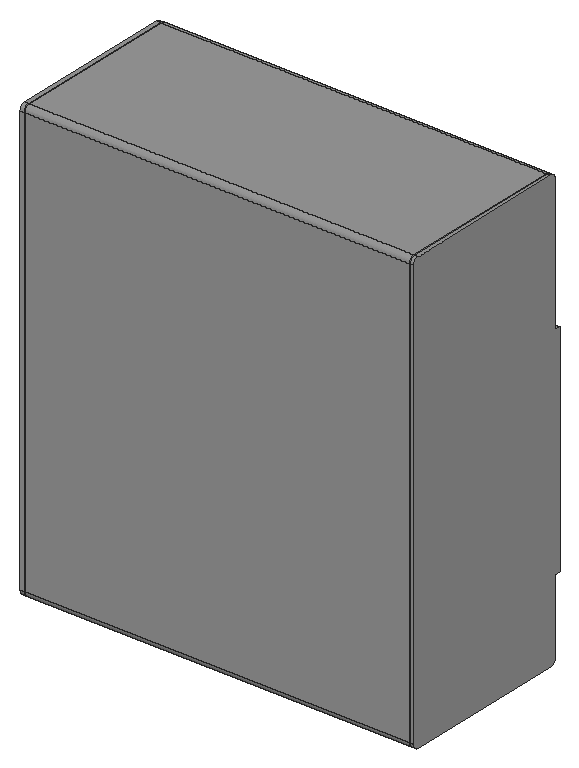
Revit family "L&L_LUCE&LIGHT_PASITO_1.0", category Lighting Fixtures, host Wall, Revit 2018 (continued)
Types (2, lengths in mm): name | Photometric Web File | built-in parameter 1150142
    .00 0.00 0.00 0.00 0.00 0.00 \r\n0.00 0.00 0.00 0.00 0.00 0.00 0.00 0.00 0.00 0.00 0.00 \r\n0.00 0.00 0.00 0.00 0.00 0.00 0.00 0.00 0.00 0.00 0.00 \r\n0.00 0.00 0.00 0.00 0.00 0.00 0.00 0.00 0.00 0.00 0.00 \r\n0.00 0.00 0.00 0.00 0.00 0.00 0.00 0.00 0.00 0.00 0.00 \r\n0.00 0.00 0.00 0.01 0.01 \r\n0.01 0.01 0.00 0.00 0.00 0.00 0.00 0.00 0.00 0.00 0.00 \r\n0.00 0.00 0.00 0.00 0.00 0.00 0.00 0.00 0.00 0.00 0.00 \r\n0.00 0.00 0.00 0.00 0.00 0.00 0.00 0.00 0.00 0.00 0.00 \r\n0.00 0.00 0.00 0.00 0.00 0.00 0.00 0.00 0.00 0.00 0.00 \r\n0.00 0.00 0.00 0.00 0.00 0.00 0.00 0.00 0.00 0.00 0.00 \r\n0.00 0.00 0.00 0.00 0.00 0.00 0.00 0.00 0.00 0.00 0.00 \r\n0.00 0.00 0.00 0.00 0.00 0.00 0.00 0.00 0.00 0.00 0.00 \r\n0.00 0.00 0.00 0.00 0.00 0.00 0.00 0.00 0.00 0.00 0.00 \r\n0.00 0.00 0.00 0.00 0.00 0.00 0.00 0.00 0.00 0.00 0.00 \r\n0.00 0.00 0.00 0.00 0.00 0.00 0.00 0.00 0.00 0.00 0.00 \r\n0.00 0.00 0.00 0.00 0.00 0.00 0.00 0.00 0.00 0.00 0.00 \r\n0.00 0.00 0.00 0.00 0.00 0.00 0.00 0.00 0.00 0.00 0.00 \r\n0.00 0.00 0.00 0.00 0.00 0.00 0.00 0.00 0.00 0.00 0.00 \r\n0.00 0.00 0.00 0.00 0.00 0.00 0.00 0.00 0.00 0.00 0.00 \r\n0.00 0.00 0.00 0.00 0.00 0.00 0.00 0.00 0.00 0.00 0.00 \r\n0.00 0.00 0.00 0.00 0.00 0.00 0.00 0.00 0.00 0.00 0.00 \r\n0.00 0.00 0.01 0.01 0.01 \r\n0.01 0.01 0.01 0.00 0.00 0.00 0.00 0.00 0.00 0.00 0.00 \r\n0.00 0.00 0.00 0.00 0.00 0.00 0.00 0.00 0.00 0.00 0.00 \r\n0.00 0.00 0.00 0.00 0.00 0.00 0.00 0.00 0.00 0.00 0.00 \r\n0.00 0.00 0.00 0.00 0.00 0.00 0.00 0.00 0.00 0.00 0.00 \r\n0.00 0.00 0.00 0.00 0.00 0.00 0.00 0.00 0.00 0.00 0.00 \r\n0.00 0.00 0.00 0.00 0.00 0.00 0.00 0.00 0.00 0.00 0.00 \r\n0.00 0.00 0.00 0.00 0.00 0.00 0.00 0.00 0.00 0.00 0.00 \r\n0.00 0.00 0.00 0.00 0.00 0.00 0.00 0.00 0.00 0.00 0.00 \r\n0.00 0.00 0.00 0.00 0.00 0.00 0.00 0.00 0.00 0.00 0.00 \r\n0.00 0.00 0.00 0.00 0.00 0.00 0.00 0.00 0.00 0.00 0.00 \r\n0.00 0.00 0.00 0.00 0.00 0.00 0.00 0.00 0.00 0.00 0.00 \r\n0.00 0.00 0.00 0.00 0.00 0.00 0.00 0.00 0.00 0.00 0.00 \r\n0.00 0.00 0.00 0.00 0.00 0.00 0.00 0.00 0.00 0.00 0.00 \r\n0.00 0.00 0.00 0.00 0.00 0.00 0.00 0.00 0.00 0.00 0.00 \r\n0.00 0.00 0.00 0.00 0.00 0.00 0.00 0.00 0.00 0.00 0.00 \r\n0.00 0.00 0.00 0.00 0.00 0.00 0.00 0.00 0.00 0.00 0.00 \r\n0.00 0.01 0.01 0.02 0.01 \r\n0.01 0.01 0.01 0.01 0.01 0.00 0.00 0.00 0.00 0.00 0.00 \r\n0.00 0.00 0.00 0.00 0.00 0.00 0.00 0.00 0.00 0.00 0.00 \r\n0.00 0.00 0.00 0.00 0.00 0.00 0.00 0.00 0.00 0.00 0.00 \r\n0.00 0.00 0.00 0.00 0.00 0.00 0.00 0.00 0.00 0.00 0.00 \r\n0.00 0.00 0.00 0.00 0.00 0.00 0.00 0.00 0.00 0.00 0.00 \r\n0.00 0.00 0.00 0.00 0.00 0.00 0.00 0.00 0.00 0.00 0.00 \r\n0.00 0.00 0.00 0.00 0.00 0.00 0.00 0.00 0.00 0.00 0.00 \r\n0.00 0.00 0.00 0.00 0.00 0.00 0.00 0.00 0.00 0.00 0.00 \r\n0.00 0.00 0.00 0.00 0.00 0.00 0.00 0.00 0.00 0.00 0.00 \r\n0.00 0.00 0.00 0.00 0.00 0.00 0.00 0.00 0.00 0.00 0.00 \r\n0.00 0.00 0.00 0.00 0.00 0.00 0.00 0.00 0.00 0.00 0.00 \r\n0.00 0.00 0.00 0.00 0.00 0.00 0.00 0.00 0.00 0.00 0.00 \r\n0.00 0.00 0.00 0.00 0.00 0.00 0.00 0.00 0.00 0.00 0.00 \r\n0.00 0.00 0.00 0.00 0.00 0.00 0.00 0.00 0.00 0.00 0.00 \r\n0.00 0.00 0.00 0.00 0.00 0.00 0.00 0.00 0.00 0.00 0.00 \r\n0.00 0.00 0.00 0.00 0.00 0.00 0.00 0.00 0.00 0.00 0.01 \r\n0.01 0.01 0.02 0.02 0.01 \r\n0.01 0.01 0.01 0.01 0.01 0.01 0.01 0.01 0.01 0.00 0.00 \r\n0.00 0.00 0.00 0.00 0.00 0.00 0.00 0.00 0.00 0.00 0.00 \r\n0.00 0.00 0.00 0.00 0.00 0.00 0.00 0.00 0.00 0.00 0.00 \r\n0.00 0.00 0.00 0.00 0.00 0.00 0.00 0.00 0.00 0.00 0.00 \r\n0.00 0.00 0.00 0.00 0.00 0.00 0.00 0.00 0.00 0.00 0.00 \r\n0.00 0.00 0.00 0.00 0.00 0.00 0.00 0.00 0.00 0.00 0.00 \r\n0.00 0.00 0.00 0.00 0.00 0.00 0.00 0.00 0.00 0.00 0.00 \r\n0.00 0.00 0.00 0.00 0.00 0.00 0.00 0.00 0.00 0.00 0.00 \r\n0.00 0.00 0.00 0.00 0.00 0.00 0.00 0.00 0.00 0.00 0.00 \r\n0.00 0.00 0.00 0.00 0.00 0.00 0.00 0.00 0.00 0.00 0.00 \r\n0.00 0.00 0.00 0.00 0.00 0.00 0.00 0.00 0.00 0.00 0.00 \r\n0.00 0.00 0.00 0.00 0.00 0.00 0.00 0.00 0.00 0.00 0.00 \r\n0.00 0.00 0.00 0.00 0.00 0.00 0.00 0.00 0.00 0.00 0.00 \r\n0.00 0.00 0.00 0.00 0.00 0.00 0.00 0.00 0.00 0.00 0.00 \r\n0.00 0.00 0.00 0.00 0.00 0.00 0.00 0.00 0.00 0.00 0.00 \r\n0.00 0.00 0.00 0.00 0.00 0.00 0.01 0.01 0.02 0.02 0.03 \r\n0.03 0.03 0.03 0.02 0.01 \r\n0.01 0.01 0.01 0.02 0.02 0.02 0.02 0.02 0.02 0.02 0.02 \r\n0.02 0.02 0.02 0.02 0.02 0.02 0.02 0.02 0.02 0.02 0.02 \r\n0.02 0.02 0.02 0.03 0.03 0.03 0.03 0.03 0.03 0.03 0.03 \r\n0.03 0.03 0.03 0.03 0.03 0.03 0.04 0.04 0.04 0.04 0.04 \r\n0.04 0.04 0.04 0.04 0.04 0.04 0.04 0.04 0.04 0.04 0.04 \r\n0.04 0.04 0.04 0.04 0.05 0.05 0.05 0.05 0.05 0.05 0.05 \r\n0.05 0.05 0.05 0.05 0.05 0.05 0.05 0.05 0.05 0.05 0.05 \r\n0.05 0.05 0.05 0.05 0.05 0.05 0.05 0.05 0.05 0.05 0.05 \r\n0.05 0.05 0.05 0.05 0.05 0.05 0.05 0.05 0.06 0.06 0.06 \r\n0.06 0.06 0.06 0.06 0.06 0.06 0.06 0.06 0.06 0.06 0.06 \r\n0.06 0.06 0.06 0.06 0.06 0.06 0.06 0.06 0.06 0.06 0.06 \r\n0.06 0.06 0.06 0.06 0.06 0.06 0.06 0.06 0.06 0.06 0.06 \r\n0.06 0.06 0.06 0.06 0.07 0.07 0.07 0.07 0.07 0.07 0.07 \r\n0.07 0.07 0.07 0.07 0.07 0.07 0.07 0.07 0.07 0.07 0.07 \r\n0.07 0.07 0.07 0.07 0.07 0.07 0.07 0.07 0.07 0.07 0.07 \r\n0.07 0.07 0.07 0.07 0.07 0.07 0.07 0.08 0.08 0.08 0.08 \r\n0.07 0.06 0.04 0.02 0.01 \r\n0.01 0.01 0.03 0.04 0.06 0.08 0.09 0.11 0.12 0.14 0.15 \r\n0.17 0.19 0.22 0.24 0.27 0.29 0.32 0.35 0.39 0.43 0.48 \r\n0.53 0.57 0.63 0.68 0.74 0.79 0.85 0.91 0.98 1.05 1.12 \r\n1.19 1.25 1.31 1.37 1.43 1.48 1.52 1.55 1.57 1.58 1.59 \r\n1.60 1.61 1.62 1.64 1.66 1.68 1.69 1.71 1.73 1.74 1.76 \r\n1.78 1.81 1.84 1.87 1.90 1.92 1.95 1.97 1.99 2.01 2.02 \r\n2.03 2.04 2.05 2.06 2.07 2.08 2.08 2.09 2.09 2.08 2.08 \r\n2.06 2.05 2.03 2.01 1.99 1.97 1.95 1.93 1.92 1.90 1.89 \r\n1.87 1.86 1.85 1.85 1.84 1.83 1.82 1.81 1.80 1.79 1.78 \r\n1.77 1.76 1.75 1.74 1.73 1.73 1.71 1.70 1.69 1.67 1.66 \r\n1.64 1.62 1.61 1.60 1.59 1.58 1.57 1.57 1.56 1.55 1.55 \r\n1.54 1.53 1.53 1.52 1.52 1.52 1.51 1.51 1.50 1.50 1.49 \r\n1.48 1.48 1.47 1.46 1.45 1.44 1.43 1.42 1.42 1.41 1.41 \r\n1.40 1.39 1.38 1.36 1.34 1.32 1.30 1.28 1.24 1.20 1.17 \r\n1.13 1.09 1.05 1.01 0.96 0.92 0.87 0.82 0.77 0.72 0.67 \r\n0.62 0.57 0.52 0.46 0.42 0.39 0.36 0.33 0.29 0.25 0.22 \r\n0.16 0.10 0.06 0.03 0.01 \r\n0.01 0.02 0.04 0.07 0.11 0.15 0.19 0.25 0.29 0.35 0.41 \r\n0.48 0.57 0.69 0.82 0.95 1.09 1.23 1.35 1.46 1.57 1.67 \r\n1.77 1.86 1.93 1.94 1.96 1.99 2.01 2.04 2.06 2.08 2.12 \r\n2.18 2.29 2.47 2.69 2.95 3.34 3.76 4.20 4.67 5.18 5.65 \r\n6.05 6.39 6.64 6.77 6.81 6.78 6.73 6.68 6.64 6.60 6.60 \r\n6.60 6.60 6.59 6.59 6.60 6.63 6.66 6.69 6.71 6.71 6.73 \r\n6.76 6.79 6.83 6.86 6.88 6.88 6.87 6.84 6.80 6.76 6.74 \r\n6.72 6.71 6.68 6.65 6.58 6.49 6.37 6.24 6.09 5.94 5.78 \r\n5.61 5.41 5.20 4.95 4.69 4.42 4.16 3.92 3.72 3.55 3.41 \r\n3.31 3.24 3.22 3.19 3.16 3.13 3.10 3.08 3.06 3.04 3.02 \r\n2.99 2.97 2.95 2.93 2.90 2.88 2.85 2.83 2.81 2.79 2.77 \r\n2.74 2.72 2.69 2.66 2.64 2.61 2.59 2.57 2.54 2.52 2.50 \r\n2.47 2.44 2.41 2.38 2.35 2.31 2.28 2.25 2.22 2.19 2.16 \r\n2.14 2.11 2.08 2.05 2.02 1.99 1.96 1.93 1.90 1.86 1.83 \r\n1.80 1.77 1.75 1.72 1.70 1.67 1.64 1.60 1.56 1.50 1.43 \r\n1.35 1.27 1.18 1.08 0.99 0.89 0.79 0.70 0.60 0.50 0.40 \r\n0.27 0.15 0.07 0.03 0.01 \r\n0.01 0.02 0.05 0.11 0.17 0.26 0.35 0.46 0.57 0.72 0.88 \r\n1.09 1.30 1.50 1.68 1.82 1.93 1.95 1.98 2.01 2.03 2.05 \r\n2.08 2.14 2.23 2.38 2.58 2.94 3.36 3.97 4.65 5.41 6.21 \r\n7.06 8.01 9.08 10.31 11.61 13.03 14.50 16.05 17.65 19.11 \r\n20.55 21.78 22.76 23.50 23.90 24.01 23.91 23.65 23.41 \r\n23.22 23.04 22.91 22.79 22.64 22.50 22.40 22.30 22.19 \r\n22.07 21.93 21.78 21.65 21.52 21.38 21.22 21.04 20.83 \r\n20.64 20.47 20.30 20.12 19.93 19.72 19.49 19.22 18.91 \r\n18.55 18.14 17.69 17.20 16.67 16.11 15.53 14.92 14.30 \r\n13.68 13.05 12.44 11.83 11.22 10.58 9.90 9.14 8.32 7.48 \r\n6.70 6.02 5.59 5.42 5.29 5.19 5.08 5.00 4.97 4.93 4.88 \r\n4.84 4.78 4.73 4.67 4.62 4.57 4.51 4.45 4.38 4.32 4.25 \r\n4.19 4.13 4.07 4.01 3.95 3.89 3.83 3.76 3.70 3.64 3.58 \r\n3.52 3.47 3.41 3.35 3.29 3.24 3.18 3.12 3.07 3.01 2.96 \r\n2.91 2.86 2.80 2.74 2.69 2.63 2.58 2.53 2.48 2.43 2.38 \r\n2.33 2.27 2.22 2.17 2.13 2.08 2.03 1.99 1.93 1.88 1.84 \r\n1.79 1.74 1.70 1.64 1.58 1.49 1.38 1.25 1.11 0.96 0.80 \r\n0.63 0.41 0.23 0.09 0.04 0.01 \r\n0.01 0.03 0.08 0.15 0.27 0.41 0.56 0.74 0.99 1.26 1.55 \r\n1.78 1.94 1.96 1.99 2.02 2.05 2.09 2.16 2.28 2.49 2.80 \r\n3.32 3.99 4.78 5.68 6.64 7.68 8.97 10.44 12.16 13.91 \r\n15.67 17.57 19.69 22.23 25.01 28.06 31.32 34.77 38.35 \r\n41.83 44.81 47.30 49.08 50.40 51.15 51.55 51.49 51.34 \r\n50.97 50.62 50.19 49.72 49.23 48.63 48.10 47.47 46.86 \r\n46.27 45.70 45.19 44.69 44.18 43.66 43.11 42.57 42.08 \r\n41.65 41.17 40.67 40.12 39.51 38.79 38.03 37.26 36.48 \r\n35.68 34.85 33.99 33.11 32.20 31.27 30.30 29.26 28.14 \r\n26.91 25.61 24.25 22.87 21.50 20.18 18.89 17.63 16.40 \r\n15.17 13.96 12.80 11.71 10.73 9.89 9.20 8.65 8.22 7.91 \r\n7.69 7.54 7.43 7.33 7.22 7.09 6.94 6.79 6.64 6.50 6.37 \r\n6.24 6.12 6.01 5.89 5.77 5.66 5.55 5.44 5.34 5.24 5.14 \r\n5.04 4.94 4.83 4.73 4.63 4.54 4.44 4.36 4.27 4.19 4.10 \r\n4.02 3.94 3.86 3.77 3.68 3.59 3.51 3.43 3.35 3.27 3.19 \r\n3.11 3.04 2.96 2.88 2.81 2.74 2.67 2.60 2.52 2.45 2.38 \r\n2.31 2.24 2.18 2.11 2.04 1.98 1.91 1.85 1.79 1.73 1.67 \r\n1.59 1.46 1.30 1.10 0.87 0.59 0.32 0.14 0.04 0.01 \r\n0.01 0.03 0.10 0.22 0.38 0.58 0.82 1.15 1.52 1.82 1.95 \r\n1.97 2.00 2.03 2.09 2.18 2.35 2.66 3.15 3.90 4.83 5.91 \r\n7.13 8.50 10.09 11.91 13.97 16.18 18.47 21.04 23.99 27.37 \r\n31.20 35.47 40.00 44.70 49.18 53.35 57.03 60.09 62.22 \r\n63.54 64.15 64.35 64.35 64.28 64.22 64.18 64.04 63.78 \r\n63.38 62.90 62.37 61.83 61.28 60.75 60.20 59.63 59.03 \r\n58.41 57.79 57.16 56.52 55.87 55.20 54.51 53.78 53.03 \r\n52.24 51.41 50.55 49.67 48.77 47.85 46.91 45.92 44.90 \r\n43.84 42.76 41.64 40.49 39.29 38.04 36.74 35.37 33.95 \r\n32.48 30.96 29.44 27.91 26.42 24.98 23.58 22.23 20.90 \r\n19.60 18.33 17.11 15.95 14.88 13.92 13.06 12.31 11.66 \r\n11.12 10.70 10.37 10.11 9.89 9.69 9.47 9.25 9.02 8.79 \r\n8.57 8.36 8.17 8.00 7.82 7.65 7.47 7.29 7.12 6.95 6.79 \r\n6.63 6.49 6.35 6.21 6.07 5.93 5.79 5.66 5.53 5.41 5.28 \r\n5.16 5.04 4.93 4.81 4.69 4.58 4.46 4.35 4.24 4.13 4.02 \r\n3.92 3.82 3.72 3.61 3.51 3.40 3.30 3.20 3.11 3.01 2.92 \r\n2.83 2.74 2.65 2.56 2.47 2.39 2.30 2.21 2.12 2.05 1.97 \r\n1.89 1.82 1.75 1.67 1.56 1.37 1.11 0.78 0.44 0.18 0.05 \r\n0.01 \r\n0.01 0.03 0.12 0.29 0.50 0.77 1.15 1.61 1.94 1.97 1.99 \r\n2.02 2.09 2.16 2.39 2.88 3.65 4.68 5.92 7.29 8.86 10.67 \r\n12.73 15.09 17.77 20.79 24.17 27.96 32.27 37.13 42.40 \r\n48.11 54.17 60.06 65.10 68.89 71.46 73.16 74.18 74.68 \r\n74.98 75.29 75.61 75.82 75.91 75.92 75.87 75.76 75.53 \r\n75.17 74.68 74.14 73.64 73.12 72.59 72.02 71.37 70.66 \r\n69.91 69.16 68.41 67.62 66.80 65.95 65.07 64.14 63.13 \r\n62.08 61.01 59.91 58.79 57.62 56.42 55.19 53.93 52.66 \r\n51.36 50.03 48.65 47.22 45.73 44.18 42.56 40.88 39.16 \r\n37.42 35.68 33.96 32.28 30.65 29.09 27.62 26.23 24.90 \r\n23.62 22.39 21.20 20.07 18.99 17.99 17.05 16.19 15.40 \r\n14.69 14.06 13.52 13.05 12.64 12.29 11.98 11.69 11.43 \r\n11.17 10.91 10.64 10.37 10.12 9.87 9.62 9.39 9.15 8.92 \r\n8.71 8.51 8.32 8.12 7.92 7.72 7.53 7.35 7.17 6.99 6.82 \r\n6.64 6.48 6.32 6.15 5.99 5.84 5.69 5.55 5.40 5.25 5.11 \r\n4.97 4.83 4.70 4.57 4.44 4.31 4.17 4.04 3.92 3.80 3.67 \r\n3.54 3.42 3.31 3.20 3.09 2.97 2.87 2.76 2.65 2.55 2.45 \r\n2.35 2.24 2.14 2.05 1.96 1.87 1.79 1.71 1.57 1.32 0.96 \r\n0.56 0.22 0.05 0.01 \r\n0.01 0.04 0.16 0.36 0.62 1.01 1.53 1.94 1.97 2.00 2.05 \r\n2.11 2.27 2.75 3.57 4.71 6.10 7.67 9.48 11.66 14.21 17.17 \r\n20.58 24.35 28.37 33.12 38.85 45.34 52.45 59.82 66.77 \r\n72.60 76.97 80.06 82.11 83.42 84.38 85.27 86.09 86.84 \r\n87.56 88.17 88.57 88.82 88.98 89.12 89.24 89.23 89.05 \r\n88.73 88.34 87.94 87.55 87.11 86.58 85.93 85.20 84.44 \r\n83.60 82.69 81.72 80.69 79.61 78.47 77.24 75.99 74.70 \r\n73.38 71.99 70.56 69.07 67.56 66.01 64.40 62.75 61.04 \r\n59.27 57.45 55.57 53.63 51.63 49.57 47.45 45.28 43.11 \r\n40.96 38.88 36.89 35.01 33.24 31.59 30.07 28.64 27.31 \r\n26.04 24.83 23.66 22.55 21.50 20.51 19.59 18.75 17.99 \r\n17.34 16.76 16.24 15.76 15.29 14.83 14.38 13.95 13.58 \r\n13.24 12.92 12.61 12.31 12.01 11.72 11.42 11.12 10.84 \r\n10.57 10.31 10.05 9.80 9.57 9.32 9.08 8.85 8.62 8.40 8.18 \r\n7.96 7.75 7.55 7.35 7.15 6.96 6.78 6.60 6.42 6.22 6.04 \r\n5.87 5.71 5.54 5.37 5.21 5.04 4.88 4.73 4.59 4.44 4.28 \r\n4.13 3.99 3.85 3.71 3.56 3.43 3.30 3.17 3.04 2.92 2.79 \r\n2.66 2.54 2.43 2.32 2.21 2.10 2.00 1.89 1.79 1.69 1.47 \r\n1.12 0.69 0.29 0.07 0.01 \r\n0.01 0.05 0.20 0.43 0.75 1.27 1.82 1.97 2.00 2.05 2.12 \r\n2.35 3.03 4.08 5.46 7.15 9.10 11.43 14.22 17.55 21.33 \r\n25.40 30.03 35.97 43.07 50.80 58.98 67.35 75.20 81.47 \r\n85.99 88.97 90.87 92.38 93.94 95.52 96.99 98.37 99.53 \r\n100.43 101.29 102.13 102.78 103.28 103.84 104.45 104.96 \r\n105.22 105.19 105.06 105.03 105.00 104.90 104.61 104.06 \r\n103.43 102.80 102.06 101.09 99.93 98.72 97.46 96.14 94.78 \r\n93.36 91.83 90.17 88.33 86.41 84.44 82.48 80.52 78.51 \r\n76.40 74.17 71.83 69.37 66.79 64.11 61.34 58.49 55.61 \r\n52.72 49.88 47.13 44.52 42.07 39.79 37.70 35.79 34.04 \r\n32.45 30.98 29.62 28.31 27.06 25.85 24.72 23.67 22.71 \r\n21.83 21.02 20.26 19.55 18.91 18.33 17.80 17.30 16.81 \r\n16.33 15.88 15.48 15.12 14.78 14.45 14.12 13.79 13.44 \r\n13.10 12.78 12.47 12.16 11.85 11.56 11.26 10.96 10.68 \r\n10.42 10.14 9.85 9.59 9.34 9.08 8.84 8.59 8.35 8.12 7.91 \r\n7.69 7.46 7.24 7.03 6.83 6.63 6.42 6.22 6.02 5.83 5.64 \r\n5.47 5.29 5.11 4.92 4.75 4.59 4.42 4.25 4.09 3.93 3.78 \r\n3.62 3.46 3.31 3.17 3.03 2.88 2.74 2.61 2.49 2.36 2.24 \r\n2.12 2.00 1.88 1.76 1.59 1.27 0.81 0.36 0.08 0.01 \r\n0.01 0.05 0.23 0.50 0.90 1.55 1.94 1.99 2.03 2.11 2.34 \r\n3.08 4.24 5.84 7.79 10.02 12.74 16.04 19.98 24.34 29.21 \r\n35.61 43.23 51.66 60.85 70.67 79.95 86.97 91.91 95.26 \r\n97.74 99.96 102.21 104.28 106.32 108.34 110.18 111.71 \r\n113.16 114.73 116.21 117.43 118.62 119.76 120.79 121.78 \r\n122.65 123.23 123.66 124.11 124.47 124.61 124.55 124.41 \r\n124.25 123.94 123.41 122.64 121.75 120.81 119.78 118.57 \r\n117.18 115.62 113.88 111.98 109.95 107.80 105.56 103.23 \r\n100.74 98.07 95.17 92.10 88.88 85.50 81.95 78.20 74.28 \r\n70.23 66.14 62.10 58.21 54.53 51.13 48.02 45.19 42.64 \r\n40.34 38.27 36.41 34.72 33.18 31.73 30.36 29.04 27.79 \r\n26.63 25.58 24.61 23.72 22.89 22.11 21.40 20.76 20.19 \r\n19.68 19.21 18.76 18.29 17.82 17.35 16.89 16.47 16.08 \r\n15.71 15.39 15.08 14.72 14.32 13.95 13.63 13.30 12.94 \r\n12.59 12.29 11.97 11.63 11.32 11.06 10.77 10.45 10.15 \r\n9.89 9.62 9.32 9.06 8.82 8.57 8.30 8.05 7.82 7.58 7.34 \r\n7.12 6.90 6.67 6.44 6.24 6.03 5.81 5.60 5.41 5.21 5.01 \r\n4.82 4.64 4.47 4.28 4.09 3.91 3.75 3.58 3.40 3.24 3.09 \r\n2.94 2.78 2.64 2.50 2.36 2.22 2.09 1.96 1.83 1.68 1.38 \r\n0.92 0.42 0.09 0.01 \r\n0.01 0.06 0.26 0.56 1.05 1.76 1.98 2.01 2.08 2.24 2.89 \r\n4.08 5.77 7.89 10.31 13.23 16.95 21.35 26.32 32.09 39.55 \r\n48.38 58.14 68.86 79.59 88.46 94.89 99.36 102.63 105.23 \r\n107.89 110.80 113.68 116.29 118.59 120.67 122.97 125.38 \r\n127.43 129.26 131.30 133.23 134.94 136.48 137.92 139.39 \r\n140.77 141.91 142.75 143.63 144.53 145.13 145.46 145.71 \r\n145.88 145.80 145.41 144.89 144.34 143.64 142.75 141.62 \r\n140.13 138.44 136.71 134.82 132.76 130.49 127.94 125.12 \r\n122.04 118.70 115.09 111.14 106.79 102.05 96.95 91.46 \r\n85.70 79.87 74.17 68.77 63.77 59.22 55.12 51.49 48.28 \r\n45.43 42.91 40.66 38.65 36.84 35.19 33.67 32.22 30.85 \r\n29.57 28.37 27.27 26.27 25.35 24.51 23.74 23.03 22.37 \r\n21.76 21.21 20.73 20.32 19.95 19.57 19.13 18.64 18.14 \r\n17.66 17.20 16.79 16.42 16.09 15.76 15.35 14.92 14.57 \r\n14.25 13.89 13.51 13.17 12.83 12.49 12.14 11.81 11.52 \r\n11.19 10.83 10.55 10.27 9.95 9.68 9.41 9.09 8.82 8.55 \r\n8.24 8.00 7.77 7.49 7.26 7.03 6.78 6.53 6.31 6.10 5.86 \r\n5.63 5.42 5.22 5.00 4.78 4.58 4.40 4.20 3.99 3.81 3.64 \r\n3.45 3.28 3.11 2.95 2.78 2.63 2.48 2.32 2.18 2.03 1.88 \r\n1.74 1.48 1.02 0.48 0.11 0.01 \r\n0.01 0.07 0.29 0.60 1.24 1.91 1.99 2.04 2.13 2.56 3.61 \r\n5.23 7.44 9.93 12.96 16.89 21.60 26.98 33.31 41.45 51.31 \r\n62.04 73.77 85.11 94.19 100.41 104.85 108.26 111.40 \r\n114.74 118.13 121.25 124.26 127.21 130.15 133.06 135.64 \r\n138.27 140.92 143.30 145.70 148.10 150.39 152.41 154.28 \r\n156.22 158.11 159.77 161.18 162.50 163.81 164.83 165.54 \r\n166.19 166.77 167.00 166.84 166.68 166.45 165.91 165.13 \r\n164.16 162.98 161.62 160.01 158.07 155.80 153.28 150.39 \r\n147.15 143.62 139.63 135.09 130.02 124.36 118.04 111.15 \r\n103.83 96.32 88.87 81.71 75.05 69.04 63.70 58.99 54.87 \r\n51.28 48.13 45.34 42.89 40.71 38.78 37.02 35.40 33.86 \r\n32.41 31.08 29.86 28.75 27.74 26.79 25.92 25.13 24.39 \r\n23.72 23.10 22.53 22.03 21.57 21.18 2
